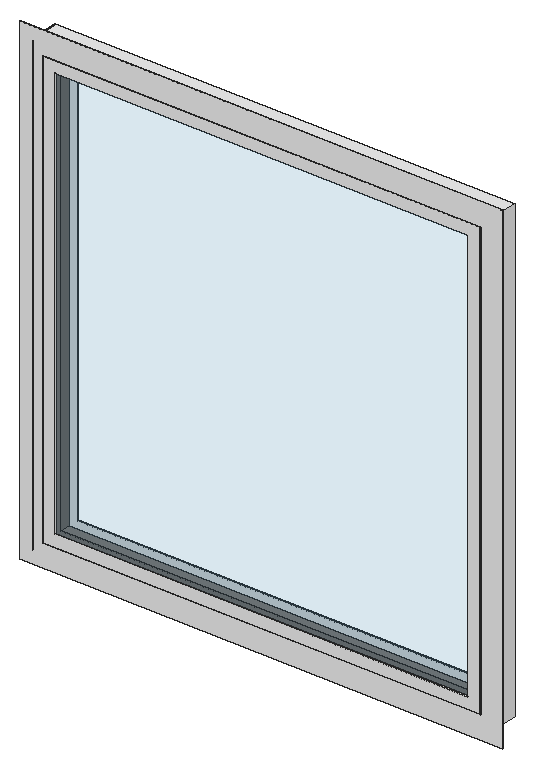
Revit family "Casement_28_D_Top_Hung_Standard", category Windows, host Wall, Revit 2014
Parameters (values of type "Casement_Sash_DG")
  Width Sash [instance] = 30 mm
  Width Sash Inner = 15 mm
  Width Bead = 15 mm
  Top Hung [instance] = yes
  Side Hung Right [instance] = yes
  Side Hung Left [instance] = yes
  Sash Opening Width [instance] = 600 mm
  Sash Opening Height [instance] = 600.312 mm
  Sash Lip = 15 mm
  Glazing Material [instance] = Glass
  DG Start Piece 2 [instance] = DG End Piece 1 + DG Gasket Thickness  # 25 mm
  DG Start Peice 1 [instance] = (Depth Sash - (2 * DG Glazing Thickness) - DG Gasket Thickness) / 2  # 6.6 mm
  Glazing Offset = 5 mm
  DG Glazing Thickness [instance] = 6.4 mm
  DG Gasket Thickness = 12 mm  # constant formula
  DG Gasket Material [instance] = Double Glazing Gasket Material
  DG End Piece 2 [instance] = DG Start Piece 2 + DG Glazing Thickness  # 31.4 mm
  DG End Piece 1 [instance] = DG Start Peice 1 + DG Glazing Thickness  # 13 mm
  Depth Sash [instance] = 38 mm
  Center Vertical Sash [instance] = Sash Opening Height / 2  # 300.156 mm
  Center Horizontal Sash [instance] = Sash Opening Width / 2  # 300 mm
  Bottom Hung [instance] = yes
  Bead Offset = 15 mm
  Aluminium Thickness = 1 mm
  Aluminium Material [instance] = White Powder Coated Aluminium
Reference planes
  plane 1 "Center (Front/Back)": y = 0
  plane 2: z = 0
  plane 3 "Center (Left/Right)": x = 0
Forms (mm)
  Sweep 1, solid, material "White Powder Coated Aluminium" <- "Aluminium Material"
    path origin (16.177, 0, 121.331) x (1, 0, 0) y (0, 0, 1)
      loop
        line (0, 0) -> (600, 0) -> (600, 600.312) -> (0, 600.312) -> (0, 0)
    profile origin (316.177, 0, 121.331) x (0, 0, 1) y (0, -1, 0)
      loop
        line (0, 0) -> (30, 0) -> (30, 1) -> (15, 1) -> (15, 38) -> (-15, 38) -> (-15, 37) -> (0, 37) -> (0, 0)
      loop
        line (14, 1) -> (14, 37) -> (1, 37) -> (1, 1) -> (14, 1)
  Sweep 2, solid, material "White Powder Coated Aluminium" <- "Aluminium Material"
    path origin (0, 0, 0) x (1, 0, 0) y (0, 0, 1)
      loop
        line (31.177, 706.643) -> (31.177, 136.331) -> (601.177, 136.331) -> (601.177, 706.643) -> (31.177, 706.643)
    profile origin (316.177, 0, 706.643) x (0, 0, 1) y (0, -1, 0)
      loop
        line (0, 37) -> (0, 38) -> (-15, 38) -> (-15, 37) -> (0, 37)
  Extrusion 3, solid, material "Glass" <- "Glazing Material"
    sketch origin (0, 0, 0) x (1, 0, 0) y (0, 0, 1)
      loop
        line (36.177, 701.643) -> (36.177, 141.331) -> (596.177, 141.331) -> (596.177, 701.643) -> (36.177, 701.643)
    from 6.6 <- "DG Start Peice 1" to 13 <- "DG End Piece 1"
  Extrusion 4, solid, material "Glass" <- "Glazing Material"
    sketch origin (0, 0, 0) x (1, 0, 0) y (0, 0, 1)
      loop
        line (36.177, 701.643) -> (36.177, 141.331) -> (596.177, 141.331) -> (596.177, 701.643) -> (36.177, 701.643)
    from 31.4 <- "DG End Piece 2" to 25 <- "DG Start Piece 2"
  Sweep 5, solid, material "Double Glazing Gasket Material" <- "DG Gasket Material"
    path origin (0, -13, 0) x (1, 0, 0) y (0, 0, 1)
      loop
        line (36.177, 701.643) -> (36.177, 141.331) -> (596.177, 141.331) -> (596.177, 701.643) -> (36.177, 701.643)
    profile origin (316.177, -13, 701.643) x (0, 0, 1) y (0, -1, 0)
      loop
        line (0, 0) -> (0, 12) -> (-7.96, 12) -> (-7.96, 0) -> (0, 0)
Lines and regions (mm)
  model lines
    curve 1: line (1.177, -38, 736.643) -> (31.177, -38, 706.643)
    curve 2: line (601.177, -38, 706.643) -> (631.177, -38, 736.643)
    curve 3: line (601.177, -38, 136.331) -> (631.177, -38, 106.331)
    curve 4: line (1.177, -38, 106.331) -> (31.177, -38, 136.331)
    curve 5: line (631.177, -37, 736.643) -> (616.177, -37, 721.643)
    curve 6: line (1.177, -37, 736.643) -> (16.177, -37, 721.643)
    curve 7: line (1.177, -37, 106.331) -> (16.177, -37, 121.331)
    curve 8: line (631.177, -37, 106.331) -> (616.177, -37, 121.331)
    curve 9: line (616.177, 0, 121.331) -> (586.177, 0, 151.331)
    curve 10: line (46.177, 0, 151.331) -> (16.177, 0, 121.331)
    curve 11: line (616.177, 0, 721.643) -> (586.177, 0, 691.643)
    curve 12: line (46.177, 0, 691.643) -> (16.177, 0, 721.643)
    curve 13: line (31.177, -38, 691.643) -> (46.177, -38, 691.643)
    curve 14: line (586.177, -38, 691.643) -> (601.177, -38, 691.643)
    curve 15: line (586.177, -38, 151.331) -> (601.177, -38, 151.331)
    curve 16: line (31.177, -38, 151.331) -> (46.177, -38, 151.331)
  model lines, style "GenericModelHiddenLines", visible <- "Top Hung"
    curve 17: line (46.386, -31.4, 690.914) -> (316.177, -31.4, 151.331)
    curve 18: line (316.177, -31.4, 151.331) -> (586.177, -31.4, 691.331)
  model lines, style "GenericModelHiddenLines", visible <- "Bottom Hung"
    curve 19: line (46.177, -31.4, 151.331) -> (316.177, -31.4, 691.331)
    curve 20: line (316.177, -31.4, 691.331) -> (586.177, -31.4, 151.331)
  model lines, style "GenericModelHiddenLines", visible <- "Side Hung Left"
    curve 21: line (46.386, -31.4, 690.914) -> (585.24, -31.4, 421.487)
    curve 22: line (585.24, -31.4, 421.487) -> (46.177, -31.4, 151.331)
  model lines, style "GenericModelHiddenLines", visible <- "Side Hung Right"
    curve 23: line (586.177, -31.4, 691.331) -> (46.177, -31.4, 421.487)
    curve 24: line (46.177, -31.4, 421.487) -> (586.177, -31.4, 151.331)
Dimensions and locks
  "Aluminium Thickness": Sweep 1 sketch curve to Sweep 1 sketch curve  (x4)
  "Depth Sash": Sweep 1 sketch curve to Sweep 1 sketch curve
  "Sash Opening Width": Sweep 1 to Sweep 1
  "Sash Opening Height": Sweep 1 to Sweep 1
  "Width Sash": Sweep 1 sketch curve to Sweep 1 sketch curve  (x2)
  "Width Sash Inner": Sweep 1 sketch curve to Sweep 1 sketch curve
  "Sash Lip": Sweep 1 sketch curve to Sweep 1 sketch curve
  "Aluminium Thickness": Sweep 1 to Sweep 2 sketch curve
  "Glazing Offset": Sweep 2 to Extrusion 3 sketch curve  (x3)
  "Glazing Offset": Extrusion 3 sketch curve to Sweep 2
  Sweep 1 to Sweep 1 = 1 mm
  "Aluminium Thickness": Sweep 2 sketch curve to Sweep 2 sketch curve
  "Width Bead": Sweep 2 sketch curve to Sweep 2 sketch curve
  locked: Sweep 5 sketch curve to Sweep 5 sketch curve at 7.96
  "Center Horizontal Sash": Sweep 1 to curve 18
  "Center Horizontal Sash": Sweep 1 to curve 20
  "Center Vertical Sash": Sweep 1 to curve 22
  "Center Vertical Sash": Sweep 1 to curve 24
  aligned and locked: level to plane 2
  aligned and locked: Sweep 1 sketch curve to Sweep 1 sketch curve  (x2)
  aligned and locked: Sweep 2 sketch curve to Sweep 1  (x5)
  aligned and locked: Extrusion 4 sketch curve to Extrusion 3  (x4)
  aligned and locked: Sweep 5 sketch curve to Extrusion 3  (x5)
  aligned and locked: Extrusion 3 to Sweep 5 sketch curve
Automatic sketch dimensions
  plane 3 "Center (Left/Right)" to Sweep 1 sketch curve = 16.177 mm
  level to Sweep 1 sketch curve = 121.331 mm
  plane 3 "Center (Left/Right)" to Sweep 1 sketch curve = 616.177 mm
  level to Sweep 1 sketch curve = 721.643 mm
  profile plane to Sweep 5 sketch curve = 12 mm
  curve 7 to Sweep 1 = 0 mm  (x4)
  curve 6 to Sweep 1 = 0 mm  (x3)
  Sweep 1 to curve 6 = 0 mm
  curve 5 to Sweep 1 = 0 mm  (x3)
  curve 8 to Sweep 1 = 0 mm  (x4)
  Sweep 1 to curve 5 = 0 mm
  curve 16 to Sweep 2 = 0 mm  (x3)
  curve 13 to Sweep 2 = 0 mm  (x3)
  curve 15 to Sweep 2 = 0 mm
  Sweep 2 to curve 15 = 0 mm  (x2)
  curve 14 to Sweep 2 = 0 mm  (x2)
  Sweep 2 to curve 14 = 0 mm
  curve 1 to Sweep 1 = 0 mm  (x4)
  curve 4 to Sweep 1 = 0 mm  (x3)
  Sweep 1 to curve 4 = 0 mm
  curve 3 to Sweep 1 = 0 mm  (x3)
  curve 2 to Sweep 1 = 0 mm  (x4)
  Sweep 1 to curve 3 = 0 mm
  curve 10 to Sweep 1 = 0 mm  (x4)
  curve 12 to Sweep 1 = 0 mm  (x3)
  Sweep 1 to curve 12 = 0 mm
  curve 9 to Sweep 1 = 0 mm  (x4)
  curve 11 to Sweep 1 = 0 mm  (x3)
  Sweep 1 to curve 11 = 0 mm
  Sweep 1 sketch curve to plane 1 "Center (Front/Back)" = 0 mm
  profile plane to Sweep 1 sketch curve = 0 mm
  curve 21 to Extrusion 4 = 10.208 mm
  curve 19 to Extrusion 4 = 10 mm
  curve 23 to Extrusion 4 = 10 mm  (x2)
  curve 22 to Extrusion 4 = 10.937 mm
  curve 20 to Extrusion 4 = 10 mm
  curve 24 to Extrusion 4 = 10 mm
  curve 22 to Extrusion 4 = 10 mm
  curve 18 to Extrusion 4 = 10 mm
  curve 21 to Extrusion 4 = 10.729 mm
  curve 19 to Extrusion 4 = 10.312 mm
  curve 18 to Extrusion 4 = 10.312 mm
Types in the file's own list only (12): name | Windload Design | Width Sash Opening | Width Sash | Width Profile | Width Panel 3 | Width Panel 1 | Width | URL | Offset Window Exterior | Max Pane Area | Limit Fixed Pane Height Min | Limit Fixed Pane Height Max | Intruderprufe U Value | Intruderprufe SHGC Value | Intruderprufe LowE U Value | Intruderprufe LowE SHGC Value | Height | Energy Advantage U Value | Energy Advantage SHGC Value | Custom Window Width | Custom Window Height | Window Exterior Offset | Custom Windload | User Sash Width | Custom Sash Height | Single Glazing | Sash Spacing Inner | Sash Overlap | Sash Center Offset | SG Gasket Thickness | Offset Sash Left | Offset Sash Top | Offset Panel 3 Bead Top | Offset Transom Top | Offset Bead SG Center Reversed | Model | Manufacturer | Limit Window Width Min | Limit Window Width Max | Limit Window Height Min | Limit Window Height Max | Limit Sash Width Min | Limit Sash Width Max | Limit Sash Height Min | Limit Sash Height Max | Length Transom | Height Sash Opening | Height Sash | Height Panel 3 | Height Panel 1 | Description | Frame Center Offset | Depth Bead | Default Sill Height | Wall Closure | Clearvue U Value | Clearvue SHGC Value | Casement Dimension | Bottom Hung | Bead SG Gap | Area Pane Top | Area Pane Bottom
  28-0609T-1000Pa | 1000 mm | 544 mm | 514 mm | 30 mm | 530 mm | 530 mm | 590 mm | "http://www.crealco.co.za/crealco-products.php" | 14 mm | 0.23 m² | 200 mm | 1800 mm | 6.17 | 0.517 | 4.85 | 0.449 | 890 mm | 4.889 | 0.492 | 590 mm | 890 mm | 0 mm | 1000 mm | 544 mm | 554 mm | Yes | 8 mm | 7 mm | 11 mm | 6 mm | 23 mm | 23 mm | 600 mm | 570 mm | 14 mm | "Casement 28" | "Crealco" | 346 mm | 946 mm | 830 mm | 2430 mm | 300 mm | 900 mm | 300 mm | 600 mm | 530 mm | 554 mm | 524 mm | 260 mm | 540 mm | "Window 28mm, Type D top hung" | 14 mm | 14 mm | 800 mm | By host | 6.19 | 0.531 | 28 mm | No | 13 mm | 0.23 m² | 0.13 m²
  28-0909T-1000Pa | 1000 mm | 844 mm | 814 mm | 30 mm | 830 mm | 830 mm | 890 mm | "http://www.crealco.co.za/crealco-products.php" | 14 mm | 0.37 m² | 200 mm | 1800 mm | 6.13 | 0.561 | 4.69 | 0.486 | 890 mm | 4.75 | 0.534 | 890 mm | 890 mm | 0 mm | 1000 mm | 844 mm | 554 mm | Yes | 8 mm | 7 mm | 11 mm | 6 mm | 23 mm | 23 mm | 600 mm | 570 mm | 14 mm | "Casement 28" | "Crealco" | 346 mm | 946 mm | 830 mm | 2430 mm | 300 mm | 900 mm | 300 mm | 600 mm | 830 mm | 554 mm | 524 mm | 260 mm | 540 mm | "Window 28mm, Type D top hung" | 14 mm | 14 mm | 800 mm | By host | 6.15 | 0.577 | 28 mm | No | 13 mm | 0.37 m² | 0.21 m²
  28-0612T-1000Pa | 1000 mm | 544 mm | 514 mm | 30 mm | 530 mm | 530 mm | 590 mm | "http://www.crealco.co.za/crealco-products.php" | 14 mm | 0.29 m² | 200 mm | 1800 mm | 6.09 | 0.558 | 4.66 | 0.488 | 1190 mm | 4.72 | 0.531 | 590 mm | 1190 mm | 0 mm | 1000 mm | 544 mm | 554 mm | Yes | 8 mm | 7 mm | 11 mm | 6 mm | 23 mm | 23 mm | 600 mm | 570 mm | 14 mm | "Casement 28" | "Crealco" | 346 mm | 946 mm | 830 mm | 2430 mm | 300 mm | 900 mm | 300 mm | 600 mm | 530 mm | 554 mm | 524 mm | 560 mm | 540 mm | "Window 28mm, Type D top hung" | 14 mm | 14 mm | 800 mm | By host | 6.13 | 0.58 | 28 mm | No | 13 mm | 0.23 m² | 0.29 m²
  28-0912T-1000Pa | 1000 mm | 844 mm | 814 mm | 30 mm | 830 mm | 830 mm | 890 mm | "http://www.crealco.co.za/crealco-products.php" | 14 mm | 0.45 m² | 200 mm | 1800 mm | 6.06 | 0.601 | 4.5 | 0.524 | 1190 mm | 4.55 | 0.572 | 890 mm | 1190 mm | 0 mm | 1000 mm | 844 mm | 554 mm | Yes | 8 mm | 7 mm | 11 mm | 6 mm | 23 mm | 23 mm | 600 mm | 570 mm | 14 mm | "Casement 28" | "Crealco" | 346 mm | 946 mm | 830 mm | 2430 mm | 300 mm | 900 mm | 300 mm | 600 mm | 830 mm | 554 mm | 524 mm | 560 mm | 540 mm | "Window 28mm, Type D top hung" | 14 mm | 14 mm | 800 mm | By host | 6.1 | 0.624 | 28 mm | No | 13 mm | 0.37 m² | 0.45 m²
  28-0609T-1500Pa | 1500 mm | 544 mm | 514 mm | 30 mm | 530 mm | 530 mm | 590 mm | "http://www.crealco.co.za/crealco-products.php" | 14 mm | 0.23 m² | 200 mm | 1800 mm | 6.17 | 0.517 | 4.85 | 0.449 | 890 mm | 4.889 | 0.492 | 590 mm | 890 mm | 0 mm | 1500 mm | 544 mm | 554 mm | Yes | 8 mm | 7 mm | 11 mm | 6 mm | 23 mm | 23 mm | 600 mm | 570 mm | 14 mm | "Casement 28" | "Crealco" | 346 mm | 946 mm | 830 mm | 2430 mm | 300 mm | 900 mm | 300 mm | 600 mm | 530 mm | 554 mm | 524 mm | 260 mm | 540 mm | "Window 28mm, Type D top hung" | 14 mm | 14 mm | 800 mm | By host | 6.19 | 0.531 | 28 mm | No | 13 mm | 0.23 m² | 0.13 m²
  28-0609T-2000Pa | 2000 mm | 544 mm | 514 mm | 30 mm | 530 mm | 530 mm | 590 mm | "http://www.crealco.co.za/crealco-products.php" | 14 mm | 0.23 m² | 200 mm | 1800 mm | 6.17 | 0.517 | 4.85 | 0.449 | 890 mm | 4.889 | 0.492 | 590 mm | 890 mm | 0 mm | 2000 mm | 544 mm | 554 mm | Yes | 8 mm | 7 mm | 11 mm | 6 mm | 23 mm | 23 mm | 600 mm | 570 mm | 14 mm | "Casement 28" | "Crealco" | 346 mm | 946 mm | 830 mm | 2430 mm | 300 mm | 900 mm | 300 mm | 600 mm | 530 mm | 554 mm | 524 mm | 260 mm | 540 mm | "Window 28mm, Type D top hung" | 14 mm | 14 mm | 800 mm | By host | 6.19 | 0.531 | 28 mm | No | 13 mm | 0.23 m² | 0.13 m²
  28-0612T-1500Pa | 1500 mm | 544 mm | 514 mm | 30 mm | 530 mm | 530 mm | 590 mm | "http://www.crealco.co.za/crealco-products.php" | 14 mm | 0.29 m² | 200 mm | 1800 mm | 6.09 | 0.558 | 4.66 | 0.488 | 1190 mm | 4.72 | 0.531 | 590 mm | 1190 mm | 0 mm | 1500 mm | 544 mm | 554 mm | Yes | 8 mm | 7 mm | 11 mm | 6 mm | 23 mm | 23 mm | 600 mm | 570 mm | 14 mm | "Casement 28" | "Crealco" | 346 mm | 946 mm | 830 mm | 2430 mm | 300 mm | 900 mm | 300 mm | 600 mm | 530 mm | 554 mm | 524 mm | 560 mm | 540 mm | "Window 28mm, Type D top hung" | 14 mm | 14 mm | 800 mm | By host | 6.13 | 0.58 | 28 mm | No | 13 mm | 0.23 m² | 0.29 m²
  28-0612T-2000Pa | 2000 mm | 544 mm | 514 mm | 30 mm | 530 mm | 530 mm | 590 mm | "http://www.crealco.co.za/crealco-products.php" | 14 mm | 0.29 m² | 200 mm | 1800 mm | 6.09 | 0.558 | 4.66 | 0.488 | 1190 mm | 4.72 | 0.531 | 590 mm | 1190 mm | 0 mm | 2000 mm | 544 mm | 554 mm | Yes | 8 mm | 7 mm | 11 mm | 6 mm | 23 mm | 23 mm | 600 mm | 570 mm | 14 mm | "Casement 28" | "Crealco" | 346 mm | 946 mm | 830 mm | 2430 mm | 300 mm | 900 mm | 300 mm | 600 mm | 530 mm | 554 mm | 524 mm | 560 mm | 540 mm | "Window 28mm, Type D top hung" | 14 mm | 14 mm | 800 mm | By host | 6.13 | 0.58 | 28 mm | No | 13 mm | 0.23 m² | 0.29 m²
  28-0909T-1500Pa | 1500 mm | 844 mm | 814 mm | 30 mm | 830 mm | 830 mm | 890 mm | "http://www.crealco.co.za/crealco-products.php" | 14 mm | 0.37 m² | 200 mm | 1800 mm | 6.13 | 0.561 | 4.69 | 0.486 | 890 mm | 4.75 | 0.534 | 890 mm | 890 mm | 0 mm | 1500 mm | 844 mm | 554 mm | Yes | 8 mm | 7 mm | 11 mm | 6 mm | 23 mm | 23 mm | 600 mm | 570 mm | 14 mm | "Casement 28" | "Crealco" | 346 mm | 946 mm | 830 mm | 2430 mm | 300 mm | 900 mm | 300 mm | 600 mm | 830 mm | 554 mm | 524 mm | 260 mm | 540 mm | "Window 28mm, Type D top hung" | 14 mm | 14 mm | 800 mm | By host | 6.15 | 0.577 | 28 mm | No | 13 mm | 0.37 m² | 0.21 m²
  28-0909T-2000Pa | 2000 mm | 844 mm | 814 mm | 30 mm | 830 mm | 830 mm | 890 mm | "http://www.crealco.co.za/crealco-products.php" | 14 mm | 0.37 m² | 200 mm | 1800 mm | 6.13 | 0.561 | 4.69 | 0.486 | 890 mm | 4.75 | 0.534 | 890 mm | 890 mm | 0 mm | 2000 mm | 844 mm | 554 mm | Yes | 8 mm | 7 mm | 11 mm | 6 mm | 23 mm | 23 mm | 600 mm | 570 mm | 14 mm | "Casement 28" | "Crealco" | 346 mm | 946 mm | 830 mm | 2430 mm | 300 mm | 900 mm | 300 mm | 600 mm | 830 mm | 554 mm | 524 mm | 260 mm | 540 mm | "Window 28mm, Type D top hung" | 14 mm | 14 mm | 800 mm | By host | 6.15 | 0.577 | 28 mm | No | 13 mm | 0.37 m² | 0.21 m²
  28-0912T-1500Pa | 1500 mm | 844 mm | 814 mm | 30 mm | 830 mm | 830 mm | 890 mm | "http://www.crealco.co.za/crealco-products.php" | 14 mm | 0.45 m² | 200 mm | 1800 mm | 6.06 | 0.601 | 4.5 | 0.524 | 1190 mm | 4.55 | 0.572 | 890 mm | 1190 mm | 0 mm | 1500 mm | 844 mm | 554 mm | Yes | 8 mm | 7 mm | 11 mm | 6 mm | 23 mm | 23 mm | 600 mm | 570 mm | 14 mm | "Casement 28" | "Crealco" | 346 mm | 946 mm | 830 mm | 2430 mm | 300 mm | 900 mm | 300 mm | 600 mm | 830 mm | 554 mm | 524 mm | 560 mm | 540 mm | "Window 28mm, Type D top hung" | 14 mm | 14 mm | 800 mm | By host | 6.1 | 0.624 | 28 mm | No | 13 mm | 0.37 m² | 0.45 m²
  28-0912T-2000Pa | 2000 mm | 844 mm | 814 mm | 30 mm | 830 mm | 830 mm | 890 mm | "http://www.crealco.co.za/crealco-products.php" | 14 mm | 0.45 m² | 200 mm | 1800 mm | 6.06 | 0.601 | 4.5 | 0.524 | 1190 mm | 4.55 | 0.572 | 890 mm | 1190 mm | 0 mm | 2000 mm | 844 mm | 554 mm | Yes | 8 mm | 7 mm | 11 mm | 6 mm | 23 mm | 23 mm | 600 mm | 570 mm | 14 mm | "Casement 28" | "Crealco" | 346 mm | 946 mm | 830 mm | 2430 mm | 300 mm | 900 mm | 300 mm | 600 mm | 830 mm | 554 mm | 524 mm | 560 mm | 540 mm | "Window 28mm, Type D top hung" | 14 mm | 14 mm | 800 mm | By host | 6.1 | 0.624 | 28 mm | No | 13 mm | 0.37 m² | 0.45 m²
